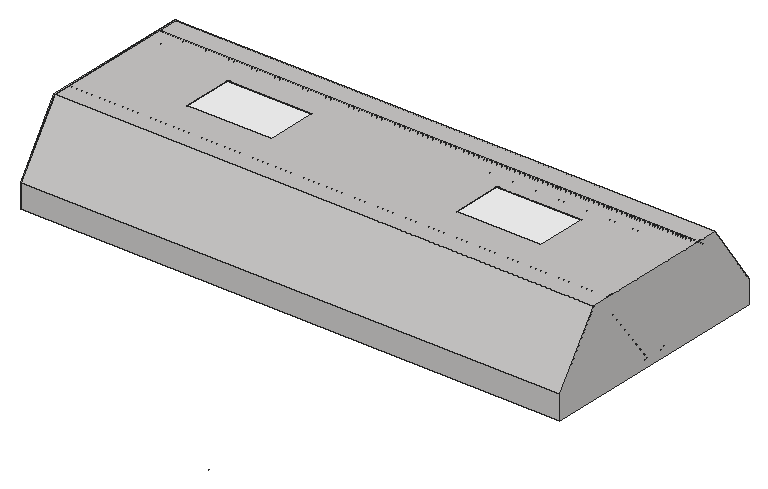
Revit family "QF_ELECTROLUXPROFESSIONAL_642350_BC1432DT", category Specialty Equipment, Revit 2014
Reference planes
  plane 1: z = 0
  plane 2 "Center (Left/Right)": x = 150
  plane 3 "LEFT": x = -1450
  plane 4 "RIGHT": x = 1750
  plane 5 "BACK": y = 550
  plane 6 "TOP": z = 2500
  plane 7 "Base": z = 2000
  plane 8: z = 1946
  plane 9: x = -1447
  plane 10 "DrainX": x = 1599
  plane 11 "AOLeft2": x = -400
  plane 12 "AORight1": x = 700
  plane 13: x = 1747
  plane 14: x = -1250
  plane 15: x = 1550
  plane 16: x = 50
  plane 17: x = 250
  plane 18 "AOLeft1": x = -900
  plane 19 "AORight2": x = 1200
  plane 20: y = 0
  plane 21: y = -300
  plane 22 "Center (Front/Back)": y = -150
  plane 23: y = -850
  plane 24: through (0, -201.379, 2046.209) normal (0, 0.8019, 0.5974)
  plane 25: through (0, -98.621, 2046.209) normal (0, 0.8019, -0.5974)
  plane 26: z = 2140
Forms (mm)
  Extrusion 1, solid, material "QF_Finishes_Stainless Steel"
    sketch origin (-1450, 0, 360) x (0, 1, 0) y (0, 0, 1)
      loop
        line (550, 1640) -> (550, 1780) -> (299.446, 2140) -> (-599.446, 2140) -> (-850, 1780) -> (-850, 1640) -> (550, 1640)
    from 0 to 3
  Extrusion 2, solid, material "QF_Finishes_Stainless Steel"
    sketch origin (1750, 0, 360) x (0, 1, 0) y (0, 0, 1)
      loop
        line (550, 1640) -> (550, 1780) -> (299.446, 2140) -> (-599.446, 2140) -> (-850, 1780) -> (-850, 1640) -> (550, 1640)
    from 0 to -3
  Extrusion 3, solid, material "QF_Finishes_Stainless Steel"
    sketch origin (150, 0, 360) x (0, 1, 0) y (0, 0, 1)
      loop
        line (-599.446, 2140) -> (-850, 1780) -> (-850, 1640) -> (-840, 1640) -> (-840, 1640.8) -> (-849.2, 1640.8) -> (-849.2, 1779.739) -> (-599.025, 2139.19) -> (299.025, 2139.19) -> (549.2, 1779.739) -> (549.2, 1640.8) -> (540, 1640.8) -> (540, 1640) -> (550, 1640) -> (550, 1780) -> (299.446, 2140) -> (-599.446, 2140)
    from -1600 to 1600
  Extrusion 4, void
    sketch origin (0, 0, 2500) x (0, 1, 0) y (-1, 0, 0)
      loop
        line (0, 400) -> (0, 900) -> (-300, 900) -> (-300, 400) -> (0, 400)
    from 0 to -10
  Extrusion 5, solid, material "QF_Finishes_Stainless Steel"
    sketch origin (0, 0, 0) x (1, 0, 0) y (0, 1, 0)
      loop
        line (-1450, 550) -> (-1450, 549) -> (-1449, 549) -> (-1449, 550) -> (-1450, 550)
    from 0 to 1
  Extrusion 6, solid, material "QF_Finishes_Stainless Steel"
    sketch origin (150, -400, 360) x (0, 1, 0) y (0, 0, 1)
      loop
        line (-98.883, 2085.553) -> (198.621, 1686.209) -> (214.66, 1698.157) -> (-82.844, 2097.501) -> (-98.883, 2085.553)
      loop
        line (598.883, 2085.553) -> (582.844, 2097.501) -> (285.34, 1698.157) -> (301.379, 1686.209) -> (598.883, 2085.553)
    from -1400 to -1597
  Extrusion 7, solid, material "QF_Finishes_Stainless Steel"
    sketch origin (150, -400, 360) x (0, 1, 0) y (0, 0, 1)
      loop
        arc (316.056, 1704.554) -> (315.455, 1704.706) -> (314.923, 1704.389) r 0.81
        line (314.923, 1704.389) -> (300.465, 1684.991) -> (283.389, 1687.002) -> (286.391, 1712.615) -> (285.593, 1712.708) -> (282.594, 1687.095)
        arc (282.594, 1687.095) -> (282.763, 1686.499) -> (283.305, 1686.197) r 0.81
        line (283.305, 1686.197) -> (300.372, 1684.196)
        arc (300.372, 1684.196) -> (300.787, 1684.257) -> (301.116, 1684.517) r 0.81
        line (301.116, 1684.517) -> (315.564, 1703.911) -> (326.308, 1695.919) -> (300.145, 1660.79) -> (199.855, 1660.79) -> (173.692, 1695.919) -> (184.436, 1703.911) -> (198.884, 1684.517)
        arc (198.884, 1684.517) -> (199.213, 1684.257) -> (199.628, 1684.196) r 0.81
        line (199.628, 1684.196) -> (216.695, 1686.197)
        arc (216.695, 1686.197) -> (217.237, 1686.499) -> (217.406, 1687.095) r 0.81
        line (217.406, 1687.095) -> (214.407, 1712.708) -> (213.609, 1712.615) -> (216.611, 1687.002) -> (199.535, 1684.991) -> (185.077, 1704.389)
        arc (185.077, 1704.389) -> (184.545, 1704.706) -> (183.944, 1704.554) r 0.81
        line (183.944, 1704.554) -> (173.214, 1696.561)
        arc (173.214, 1696.561) -> (172.897, 1696.028) -> (173.049, 1695.427) r 0.81
        line (173.049, 1695.427) -> (199.157, 1660.381)
        arc (199.157, 1660.381) -> (199.5, 1660.093) -> (199.937, 1659.99) r 0.972
        line (199.937, 1659.99) -> (300.049, 1659.99)
        arc (300.049, 1659.99) -> (300.498, 1660.096) -> (300.851, 1660.393) r 1
        line (300.851, 1660.393) -> (326.951, 1695.427)
        arc (326.951, 1695.427) -> (327.103, 1696.028) -> (326.786, 1696.561) r 0.81
        line (326.786, 1696.561) -> (316.056, 1704.554)
      loop
        line (-92.735, 2139.19) -> (-92.735, 2129.205) -> (-117.587, 2110.686)
        arc (-117.587, 2110.686) -> (-117.904, 2110.153) -> (-117.752, 2109.552) r 0.81
        line (-117.752, 2109.552) -> (-84.894, 2065.446) -> (-95.625, 2057.438) -> (-95.147, 2056.796) -> (-84.418, 2064.79)
        arc (-84.418, 2064.79) -> (-84.1, 2065.322) -> (-84.252, 2065.923) r 0.81
        line (-84.252, 2065.923) -> (-117.117, 2110.038) -> (-91.935, 2128.798) -> (-91.935, 2138.4) -> (-62.776, 2138.4) -> (-62.776, 2070.563) -> (-61.976, 2069.49) -> (-61.976, 2139.19) -> (-92.735, 2139.19)
      loop
        line (592.735, 2139.19) -> (561.976, 2139.19) -> (561.976, 2069.49) -> (562.776, 2070.563) -> (562.776, 2138.4) -> (591.935, 2138.4) -> (591.935, 2128.798) -> (617.117, 2110.038) -> (584.252, 2065.923)
        arc (584.252, 2065.923) -> (584.1, 2065.322) -> (584.418, 2064.79) r 0.81
        line (584.418, 2064.79) -> (595.147, 2056.796) -> (595.625, 2057.438) -> (584.894, 2065.446) -> (617.752, 2109.552)
        arc (617.752, 2109.552) -> (617.904, 2110.153) -> (617.587, 2110.686) r 0.81
        line (617.587, 2110.686) -> (592.735, 2129.205) -> (592.735, 2139.19)
    from -1597 to 1597
  Extrusion 8, solid, material "QF_Finishes_Stainless Steel"
    sketch origin (150, -400, 360) x (0, 1, 0) y (0, 0, 1)
      loop
        line (-98.883, 2085.553) -> (198.621, 1686.209) -> (214.66, 1698.157) -> (-82.844, 2097.501) -> (-98.883, 2085.553)
      loop
        line (598.883, 2085.553) -> (582.844, 2097.501) -> (285.34, 1698.157) -> (301.379, 1686.209) -> (598.883, 2085.553)
    from 1597 to 1400
  Extrusion 9, solid, material "QF_Finishes_Stainless Steel"
    sketch origin (150, -400, 360) x (0, 1, 0) y (0, 0, 1)
      loop
        line (-98.883, 2085.553) -> (198.621, 1686.209) -> (214.66, 1698.157) -> (-82.844, 2097.501) -> (-98.883, 2085.553)
      loop
        line (598.883, 2085.553) -> (582.844, 2097.501) -> (285.34, 1698.157) -> (301.379, 1686.209) -> (598.883, 2085.553)
    from -100 to 100
  Extrusion 10, solid, material "QF_Finished_Chrome"
    sketch origin (150, -400, 360) x (0, 1, 0) y (0, 0, 1)
      loop
        line (-98.883, 2085.553) -> (198.621, 1686.209) -> (214.66, 1698.157) -> (-82.844, 2097.501) -> (-98.883, 2085.553)
      loop
        line (598.883, 2085.553) -> (582.844, 2097.501) -> (285.34, 1698.157) -> (301.379, 1686.209) -> (598.883, 2085.553)
    from -1400 to -100
  Extrusion 11, solid, material "QF_Finished_Chrome"
    sketch origin (150, -400, 360) x (0, 1, 0) y (0, 0, 1)
      loop
        line (-98.883, 2085.553) -> (198.621, 1686.209) -> (214.66, 1698.157) -> (-82.844, 2097.501) -> (-98.883, 2085.553)
      loop
        line (598.883, 2085.553) -> (582.844, 2097.501) -> (285.34, 1698.157) -> (301.379, 1686.209) -> (598.883, 2085.553)
    from 100 to 1400
  Sweep 12, solid, material "QF_Finishes_Stainless Steel"
    path origin (0, 0, 0) x (1, 0, 0) y (0, 1, 0)
      loop
        line (1750, 550) -> (-1450, 550) -> (-1450, -850) -> (1750, -850) -> (1750, 550)
    profile origin (1750, -150, 0) x (1, 0, 0) y (0, 0, 1)
      loop
        line (-3, 2000) -> (-3, 2000.8) -> (-19, 2000.8) -> (-19, 2010) -> (-20, 2010) -> (-20, 2000) -> (-3, 2000)
  Extrusion 13, void
    sketch origin (0, 0, 2500) x (0, 1, 0) y (-1, 0, 0)
      loop
        line (0, -1200) -> (0, -700) -> (-300, -700) -> (-300, -1200) -> (0, -1200)
    from 0 to -10
  Extrusion 14, solid, material "QF_Finishes_Stainless Steel"
    sketch origin (1599, 0, 0) x (0, 1, 0) y (0, 0, 1)
      loop
        arc (-118.5, 1946) -> (-111.429, 1948.929) -> (-108.5, 1956) r 10
        line (-108.5, 1956) -> (-108.5, 2000.8) -> (-191.5, 2000.8) -> (-191.5, 1956)
        arc (-191.5, 1956) -> (-188.571, 1948.929) -> (-181.5, 1946) r 10
        line (-181.5, 1946) -> (-118.5, 1946)
    from -90 to 90
  Extrusion 15, solid, material "QF_Finishes_Stainless Steel"
    sketch origin (0, -1100, 2000) x (0, 1, 0) y (-1, 0, 0)
      loop
        circle (950, -1599) r 6.35
    from -3.799 to 0
Cuts and joins
  Extrusion 4, Extrusion 13 cuts Extrusion 3
  joined: Extrusion 2, Extrusion 3, Sweep 12
Lines and regions (mm)
  symbolic lines, style "SpecialityEquipment", detail levels coarse
    curve 1: line (1750, 550, 2500) -> (-1450, 550, 2500)
    curve 2: line (-1450, 550, 2500) -> (-1450, -850, 2500)
    curve 3: line (1750, -850, 2500) -> (1750, 550, 2500)
    curve 4: line (-1450, 299.446, 0) -> (1750, -599.446, 0)
    curve 5: line (1750, 299.446, 0) -> (-1450.605, -599.446, 0)
  symbolic lines, detail levels coarse
    curve 6: line (-900, -300, 0) -> (-400, -300, 0)
    curve 7: line (-900, 0, 0) -> (-900, -300, 0)
    curve 8: line (-400, 0, 0) -> (-900, 0, 0)
    curve 9: line (-400, -300, 0) -> (-400, 0, 0)
    curve 10: line (700, 0, 0) -> (700, -300, 0)
    curve 11: line (1200, 0, 0) -> (700, 0, 0)
    curve 12: line (1200, -300, 0) -> (1200, 0, 0)
    curve 13: line (700, -300, 0) -> (1200, -300, 0)
    curve 14: line (-1450.605, -599.446, 0) -> (1750, -599.446, 0)
    curve 15: line (1750, 299.446, 0) -> (-1450, 299.446, 0)
    curve 16: line (-1450, -850, 0) -> (1750, -850, 0)
Dimensions and locks
  plane 3 "LEFT" to plane 4 "RIGHT" = 3200 mm
  equal spacing: plane 3 "LEFT", plane 2 "Center (Left/Right)", plane 4 "RIGHT"
  plane 3 "LEFT" to plane 9 = 3 mm
  plane 10 "DrainX" to plane 4 "RIGHT" = 151 mm
  plane 13 to plane 4 "RIGHT" = 3 mm
  plane 3 "LEFT" to plane 14 = 200 mm
  plane 15 to plane 4 "RIGHT" = 200 mm
  locked: plane 11 "AOLeft2" to plane 12 "AORight1" at 1100
  equal spacing: plane 11 "AOLeft2", plane 2 "Center (Left/Right)", plane 12 "AORight1"
  locked: plane 7 "Base" to level at 2000
  locked: plane 16 to plane 17 at 200
  equal spacing: plane 16, plane 2 "Center (Left/Right)", plane 17
  plane 18 "AOLeft1" to plane 11 "AOLeft2" = 500 mm
  plane 12 "AORight1" to plane 19 "AORight2" = 500 mm
  plane 7 "Base" to plane 8 = 54 mm
  locked: plane 6 "TOP" to plane 7 "Base" at 500
  plane 5 "BACK" to plane 23 = 1400 mm  (x2)
  equal spacing: plane 5 "BACK", plane 22 "Center (Front/Back)", plane 23
  plane 21 to plane 20 = 300 mm
  equal spacing: plane 21, plane 22 "Center (Front/Back)", plane 20
  plane 26 to plane 7 "Base" = 140 mm
  aligned and locked: level to plane 1
  aligned and locked: plane 4 "RIGHT" to Extrusion 3
  aligned and locked: Extrusion 3 to plane 3 "LEFT"
  aligned and locked: Extrusion 6 to plane 9
  aligned and locked: plane 14 to Extrusion 6
  aligned and locked: Extrusion 2 to plane 13
  aligned and locked: plane 13 to Extrusion 8
  aligned and locked: Extrusion 8 to plane 15
  aligned and locked: plane 17 to Extrusion 9
  aligned and locked: Extrusion 9 to plane 16
  aligned and locked: plane 16 to Extrusion 10
  aligned and locked: Extrusion 10 to plane 14
  aligned and locked: Extrusion 11 to plane 17
  aligned and locked: Extrusion 11 to plane 15
  aligned and locked: Extrusion 7 to plane 9
  aligned and locked: plane 13 to Extrusion 7
  aligned and locked: Extrusion 4 to plane 18 "AOLeft1"
  aligned and locked: Extrusion 4 to plane 11 "AOLeft2"
  aligned and locked: plane 12 "AORight1" to Extrusion 13
  aligned and locked: plane 19 "AORight2" to Extrusion 13
  aligned and locked: plane 21 to Extrusion 13
  aligned and locked: plane 21 to Extrusion 4
  aligned and locked: plane 20 to Extrusion 13
  aligned and locked: plane 20 to Extrusion 4
  aligned and locked: curve 6 to Extrusion 4
  aligned and locked: curve 7 to Extrusion 4
  aligned and locked: curve 8 to Extrusion 4
  aligned and locked: curve 9 to Extrusion 4
  aligned and locked: curve 10 to Extrusion 13
  aligned and locked: curve 11 to Extrusion 13
  aligned and locked: curve 12 to Extrusion 13
  aligned and locked: curve 13 to Extrusion 13
Automatic sketch dimensions
  Extrusion 4 sketch curve to plane 11 "AOLeft2" = 0 mm
  Extrusion 4 sketch curve to plane 18 "AOLeft1" = 0 mm
  Extrusion 5 sketch curve to plane 3 "LEFT" = 0 mm
  Extrusion 5 sketch curve to plane 5 "BACK" = 0 mm
  plane 3 "LEFT" to Extrusion 5 sketch curve = 1 mm
  Extrusion 5 sketch curve to Extrusion 5 sketch curve = 1 mm
  Sweep 12 sketch curve to plane 3 "LEFT" = 0 mm
  Sweep 12 sketch curve to plane 4 "RIGHT" = 0 mm
  Sweep 12 sketch curve to plane 5 "BACK" = 0 mm
  profile plane to Sweep 12 sketch curve = 20 mm
  Sweep 12 sketch curve to Sweep 12 sketch curve = 1 mm
  profile plane to Sweep 12 sketch curve = 3 mm
  level to Sweep 12 sketch curve = 2000 mm
  Sweep 12 sketch curve to Sweep 12 sketch curve = 0.8 mm
  Sweep 12 sketch curve to Sweep 12 sketch curve = 9.2 mm
  Extrusion 13 sketch curve to plane 11 "AOLeft2" = 1600 mm
  plane 18 "AOLeft1" to Extrusion 13 sketch curve = 1600 mm
  Extrusion 13 sketch curve to Extrusion 13 sketch curve = 300 mm
  Extrusion 13 sketch curve to plane 20 = 0 mm
  plane 21 to Sweep 12 sketch curve = 550 mm
  plane 21 to Extrusion 4 sketch curve = 0 mm
  Extrusion 4 sketch curve to plane 20 = 0 mm
  Extrusion 15 sketch curve to plane 10 "DrainX" = 0 mm
  Extrusion 15 sketch curve to plane 22 "Center (Front/Back)" = 0 mm
  Extrusion 14 sketch curve to plane 8 = 0 mm
  plane 8 to Extrusion 14 sketch curve = 10 mm
  Extrusion 14 sketch curve to plane 22 "Center (Front/Back)" = 41.5 mm
  plane 22 "Center (Front/Back)" to Extrusion 14 sketch curve = 31.5 mm
  plane 7 "Base" to Extrusion 14 sketch curve = 0.8 mm
  plane 22 "Center (Front/Back)" to Extrusion 14 sketch curve = 41.5 mm
  plane 21 to Extrusion 6 sketch curve = 198.883 mm
  Extrusion 6 sketch curve to plane 6 "TOP" = 42.499 mm  (x2)
  Extrusion 6 sketch curve to Extrusion 6 sketch curve = 16.039 mm  (x2)
  Extrusion 6 sketch curve to plane 22 "Center (Front/Back)" = 51.379 mm
  plane 22 "Center (Front/Back)" to Extrusion 6 sketch curve = 35.34 mm
  plane 20 to Extrusion 6 sketch curve = 182.844 mm
  Extrusion 6 sketch curve to Extrusion 6 sketch curve = 11.948 mm  (x2)
  Extrusion 7 sketch curve to plane 6 "TOP" = 30.448 mm  (x2)
  plane 21 to Extrusion 7 sketch curve = 217.752 mm
  Extrusion 7 sketch curve to plane 6 "TOP" = 29.314 mm  (x2)
  Extrusion 7 sketch curve to Extrusion 7 sketch curve = 0.166 mm  (x3)
  Extrusion 7 sketch curve to plane 6 "TOP" = 29.962 mm  (x2)
  Extrusion 7 sketch curve to Extrusion 7 sketch curve = 0.47 mm  (x2)
  Extrusion 7 sketch curve to Extrusion 7 sketch curve = 0.014 mm  (x2)
  Extrusion 7 sketch curve to plane 6 "TOP" = 82.562 mm  (x2)
  Extrusion 7 sketch curve to Extrusion 7 sketch curve = 22.127 mm
  Extrusion 7 sketch curve to plane 6 "TOP" = 83.204 mm  (x2)
  Extrusion 7 sketch curve to Extrusion 7 sketch curve = 0.478 mm  (x5)
  Extrusion 7 sketch curve to plane 6 "TOP" = 0.81 mm  (x2)
  Extrusion 7 sketch curve to Extrusion 7 sketch curve = 24.852 mm
  Extrusion 7 sketch curve to Extrusion 7 sketch curve = 0.8 mm  (x5)
  Extrusion 7 sketch curve to Extrusion 7 sketch curve = 10.724 mm
  Extrusion 7 sketch curve to plane 6 "TOP" = 74.554 mm  (x2)
  Extrusion 7 sketch curve to Extrusion 7 sketch curve = 0.008 mm  (x6)
  Extrusion 7 sketch curve to plane 6 "TOP" = 75.21 mm  (x2)
  Extrusion 7 sketch curve to plane 6 "TOP" = 74.077 mm  (x2)
  Extrusion 7 sketch curve to Extrusion 7 sketch curve = 0.642 mm  (x2)
  Extrusion 7 sketch curve to plane 6 "TOP" = 69.437 mm  (x2)
  Extrusion 7 sketch curve to Extrusion 7 sketch curve = 21.476 mm  (x2)
  Extrusion 7 sketch curve to plane 21 = 73.049 mm
  Extrusion 7 sketch curve to Extrusion 7 sketch curve = 0.006 mm  (x4)
  Extrusion 7 sketch curve to Extrusion 7 sketch curve = 10.73 mm  (x3)
  Extrusion 7 sketch curve to Extrusion 7 sketch curve = 0.484 mm  (x4)
  Extrusion 7 sketch curve to Extrusion 7 sketch curve = 0.641 mm  (x2)
  Extrusion 7 sketch curve to Extrusion 7 sketch curve = 14.448 mm
  plane 7 "Base" to Extrusion 7 sketch curve = 20.381 mm
  Extrusion 7 sketch curve to Extrusion 7 sketch curve = 0.273 mm
  Extrusion 7 sketch curve to Extrusion 7 sketch curve = 0.65 mm  (x2)
  Extrusion 7 sketch curve to Extrusion 7 sketch curve = 0.001 mm  (x4)
  Extrusion 7 sketch curve to Extrusion 7 sketch curve = 0.093 mm  (x2)
  plane 7 "Base" to Extrusion 7 sketch curve = 20.79 mm
  Extrusion 7 sketch curve to Extrusion 7 sketch curve = 0.698 mm
  Extrusion 7 sketch curve to Extrusion 7 sketch curve = 0.081 mm
  Extrusion 7 sketch curve to Extrusion 7 sketch curve = 28.531 mm
  Extrusion 7 sketch curve to Extrusion 7 sketch curve = 0.799 mm  (x2)
  Extrusion 7 sketch curve to Extrusion 7 sketch curve = 17.067 mm  (x2)
  Extrusion 7 sketch curve to Extrusion 7 sketch curve = 0.01 mm  (x4)
  Extrusion 7 sketch curve to Extrusion 7 sketch curve = 0.094 mm
  Extrusion 7 sketch curve to Extrusion 7 sketch curve = 0.795 mm  (x2)
  plane 22 "Center (Front/Back)" to Extrusion 7 sketch curve = 32.594 mm
  Extrusion 7 sketch curve to Extrusion 7 sketch curve = 0.71 mm
  Extrusion 7 sketch curve to Extrusion 7 sketch curve = 2.998 mm
  Extrusion 7 sketch curve to Extrusion 7 sketch curve = 16.745 mm
  Extrusion 7 sketch curve to Extrusion 7 sketch curve = 0.095 mm
  plane 7 "Base" to Extrusion 7 sketch curve = 20.393 mm
  Extrusion 7 sketch curve to Extrusion 7 sketch curve = 0.707 mm
  Extrusion 7 sketch curve to Extrusion 7 sketch curve = 0.651 mm
  Extrusion 7 sketch curve to Extrusion 7 sketch curve = 14.456 mm
  Extrusion 7 sketch curve to plane 6 "TOP" = 70.51 mm  (x2)
  plane 20 to Extrusion 7 sketch curve = 161.976 mm
  Extrusion 7 sketch curve to plane 6 "TOP" = 1.6 mm
  Extrusion 7 sketch curve to Extrusion 7 sketch curve = 29.159 mm
  Extrusion 7 sketch curve to Extrusion 7 sketch curve = 24.368 mm
  Extrusion 7 sketch curve to Extrusion 7 sketch curve = 0.636 mm
  Extrusion 7 sketch curve to Extrusion 7 sketch curve = 23.206 mm
  Extrusion 7 sketch curve to Extrusion 7 sketch curve = 23.234 mm
  Extrusion 7 sketch curve to Extrusion 7 sketch curve = 0.321 mm  (x2)
  Extrusion 7 sketch curve to Extrusion 7 sketch curve = 2.001 mm  (x2)
  Extrusion 7 sketch curve to Extrusion 7 sketch curve = 0.804 mm  (x2)
  Extrusion 7 sketch curve to Extrusion 7 sketch curve = 10.911 mm  (x2)
  Extrusion 7 sketch curve to Extrusion 7 sketch curve = 7.993 mm  (x2)
  Extrusion 7 sketch curve to Extrusion 7 sketch curve = 25.613 mm  (x2)
  Extrusion 7 sketch curve to Extrusion 7 sketch curve = 0.407 mm  (x2)
  Extrusion 7 sketch curve to Extrusion 7 sketch curve = 0.79 mm
  Extrusion 3 sketch curve to plane 7 "Base" = 0 mm  (x2)
  Extrusion 3 sketch curve to plane 23 = 0 mm
  Extrusion 3 sketch curve to plane 5 "BACK" = 0 mm
  plane 23 to Extrusion 3 sketch curve = 0.8 mm
  plane 7 "Base" to Extrusion 3 sketch curve = 0.8 mm  (x2)
  Extrusion 3 sketch curve to Extrusion 3 sketch curve = 9.2 mm
  plane 23 to Extrusion 3 sketch curve = 250.554 mm
  Extrusion 3 sketch curve to Extrusion 3 sketch curve = 0.421 mm  (x2)
  Extrusion 3 sketch curve to plane 6 "TOP" = 0.81 mm
  Extrusion 3 sketch curve to plane 5 "BACK" = 250.975 mm
  Extrusion 3 sketch curve to plane 5 "BACK" = 10 mm
  Extrusion 3 sketch curve to plane 5 "BACK" = 0.8 mm
  Extrusion 3 sketch curve to Extrusion 3 sketch curve = 138.939 mm  (x2)
  Extrusion 3 sketch curve to Extrusion 3 sketch curve = 0.261 mm  (x2)
  Extrusion 3 sketch curve to plane 6 "TOP" = 0 mm
  Extrusion 1 sketch curve to plane 7 "Base" = 0 mm
  Extrusion 1 sketch curve to plane 23 = 0 mm
  Extrusion 1 sketch curve to plane 6 "TOP" = 0 mm
  Extrusion 1 sketch curve to plane 5 "BACK" = 0 mm
  Extrusion 1 sketch curve to plane 5 "BACK" = 250.554 mm
  plane 7 "Base" to Extrusion 1 sketch curve = 140 mm
  Extrusion 1 sketch curve to Extrusion 1 sketch curve = 140 mm
  plane 23 to Extrusion 1 sketch curve = 250.554 mm
  plane 21 to Extrusion 10 sketch curve = 198.883 mm
  Extrusion 10 sketch curve to plane 6 "TOP" = 42.499 mm  (x2)
  Extrusion 10 sketch curve to Extrusion 10 sketch curve = 16.039 mm  (x2)
  Extrusion 10 sketch curve to plane 22 "Center (Front/Back)" = 51.379 mm
  plane 22 "Center (Front/Back)" to Extrusion 10 sketch curve = 35.34 mm
  plane 20 to Extrusion 10 sketch curve = 182.844 mm
  Extrusion 10 sketch curve to Extrusion 10 sketch curve = 11.948 mm  (x2)
  plane 21 to Extrusion 9 sketch curve = 198.883 mm
  Extrusion 9 sketch curve to plane 6 "TOP" = 42.499 mm  (x2)
  Extrusion 9 sketch curve to Extrusion 9 sketch curve = 16.039 mm  (x2)
  Extrusion 9 sketch curve to plane 22 "Center (Front/Back)" = 51.379 mm
  plane 22 "Center (Front/Back)" to Extrusion 9 sketch curve = 35.34 mm
  plane 20 to Extrusion 9 sketch curve = 182.844 mm
  Extrusion 9 sketch curve to Extrusion 9 sketch curve = 11.948 mm  (x2)
  plane 21 to Extrusion 11 sketch curve = 198.883 mm
  Extrusion 11 sketch curve to plane 6 "TOP" = 42.499 mm  (x2)
  Extrusion 11 sketch curve to Extrusion 11 sketch curve = 16.039 mm  (x2)
  Extrusion 11 sketch curve to plane 22 "Center (Front/Back)" = 51.379 mm
  plane 22 "Center (Front/Back)" to Extrusion 11 sketch curve = 35.34 mm
  plane 20 to Extrusion 11 sketch curve = 182.844 mm
  Extrusion 11 sketch curve to Extrusion 11 sketch curve = 11.948 mm  (x2)
  plane 21 to Extrusion 8 sketch curve = 198.883 mm
  Extrusion 8 sketch curve to plane 6 "TOP" = 42.499 mm  (x2)
  Extrusion 8 sketch curve to Extrusion 8 sketch curve = 16.039 mm  (x2)
  Extrusion 8 sketch curve to plane 22 "Center (Front/Back)" = 51.379 mm
  plane 22 "Center (Front/Back)" to Extrusion 8 sketch curve = 35.34 mm
  plane 20 to Extrusion 8 sketch curve = 182.844 mm
  Extrusion 8 sketch curve to Extrusion 8 sketch curve = 11.948 mm  (x2)
  Extrusion 2 sketch curve to plane 7 "Base" = 0 mm
  Extrusion 2 sketch curve to plane 23 = 0 mm
  Extrusion 2 sketch curve to plane 6 "TOP" = 0 mm
  Extrusion 2 sketch curve to plane 5 "BACK" = 0 mm
  Extrusion 2 sketch curve to plane 26 = 0 mm  (x2)
  Extrusion 2 sketch curve to plane 5 "BACK" = 250.554 mm
  plane 23 to Extrusion 2 sketch curve = 250.554 mm
  curve 2 to plane 3 "LEFT" = 0 mm
  curve 2 to plane 23 = 0 mm
  curve 3 to plane 4 "RIGHT" = 0 mm
  curve 3 to plane 23 = 0 mm
  curve 2 to plane 5 "BACK" = 0 mm
  curve 15 to plane 3 "LEFT" = 0 mm
  curve 16 to plane 3 "LEFT" = 0 mm
  curve 14 to plane 4 "RIGHT" = 0 mm
  curve 15 to plane 4 "RIGHT" = 0 mm
  curve 16 to plane 4 "RIGHT" = 0 mm
  curve 16 to plane 23 = 0 mm
  curve 14 to plane 3 "LEFT" = 0.605 mm
  plane 23 to curve 4 = 250.554 mm
  curve 15 to plane 5 "BACK" = 250.554 mm
  radius of Extrusion 15 sketch curve = 6.35 mm
Connectors
  hvac at (-650, -150, 2500)
    settings: on Extrusion 4, index 2, duct flow 0.0 L/s, flow factor 0, pres drop 0.0 Pa, loss coef 0, conn angle 0.00°, conn width 300 mm, conn height 500 mm, conn diameter 609.6 mm, duct sys type 3, conn prof type 1, flow config 1, flow direction 2, loss method 0, conn ref index -1, conn util no, is conn primary yes, conn desc "EXHAUST OUTLET"
  hvac at (950, -150, 2500)
    settings: on Extrusion 13, index 3, duct flow 0.0 L/s, flow factor 0, pres drop 0.0 Pa, loss coef 0, conn angle 0.00°, conn width 300 mm, conn height 500 mm, conn diameter 609.6 mm, duct sys type 3, conn prof type 1, flow config 1, flow direction 2, loss method 0, conn ref index -1, conn util no, is conn primary no, conn desc "EXHAUST OUTLET"
  piping at (1599, -150, 1996.201), diameter 12.7
    settings: on Extrusion 15, index 4, connector inside diameter 609.6 mm, connector length 0 mm, flow factor 0, pipe flow 0.0 L/s, pressure drop 0.0 Pa, fitting loss kfactor 0, connector angle 0.00°, fixture units 0, engagement length 0 mm, angle of deflection 0.00°, flow configuration 1, flow direction 2, fitting loss method 0, system type 16, joint type 0, gender type 0, connector reference index -1, connector utility 0, adjustable connector no, is connector primary yes, connector description "Drain"
